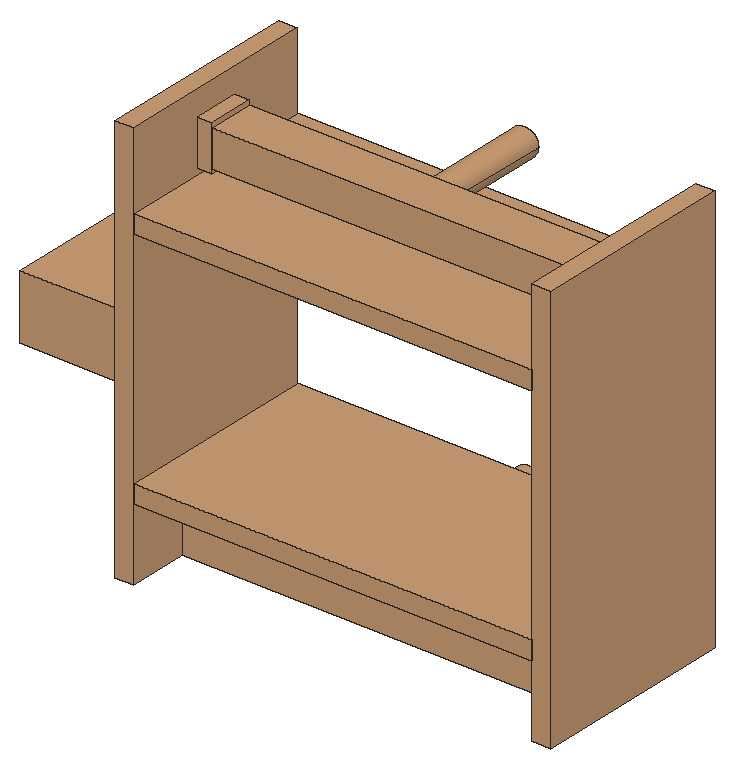
Revit family
Parameters
  Center Of Unit = 0' - 0"  # constant formula
  Water Pressure Drop [instance] = 0.00 psi
  Water Flow [instance] = 0 GPM
  Unit Weight (lbs) = 349
  URL = "http://www.ljwing.com/"
  Water Outlet Radius = 0' - 1 1/2"
  Water Outlet Odd sizes = 0' - 0"
  Total Heating Capacity [instance] = 0.0 Btu/h
  Temperature Rise [instance] = 0 °F
  Series = "VIFB"
  Outlet Area = 7.15 SF
  Number of Rows = 1  # constant formula
  Number of Coils [instance] = 0
  Nominal Length = 3' - 10 7/8"
  Model = "VA-4"
  Manufacturer = "LJ Wing"
  Leaving Water Temperature [instance] = 0 °F
  Leaving Air Temperature [instance] = 0 °F
  Face Velocity (FPM) [instance] = 0
  Entering Water Temperature [instance] = 0 °F
  Entering Air Temperature [instance] = 0 °F
  Description = "Vertical Integral Face & Bypass Water Heating Coils"
  Hot Water Odd Sizes = 0' - 0"
  Hot Water Inlet Offset = 0' - 4 3/8"  # constant formula
  Hot Water Inlet  Radius = 0' - 1 1/2"
  Coil Face Area = Outlet Area * 0.56  # 4.004 SF
  Casing Material = ""
  Assembly Code = "D3020300"
  Air Pressure Drop [instance] = 0.00 in-wg
  Air Inlet Width = Nominal Length - 0' 4"  # 3' - 6 7/8"
  Air Inlet Height = Y  # 2' - 0"
  Air Flow [instance] = 0 CFM
  Z = 0' - 3 3/4"
  Y = 2' - 0"
  S = 0' - 9 3/4"
  Product URL = "http://www.ljwing.com/html/vifb.asp"
  OmniClass = "23-75 70 21 14"
  Nominal Height = 3' - 8"
  Nominal Depth = 1' - 10"
  R = 0' - 10 1/4"
  Q = 0' - 5 7/16"
  P = 0' - 5 1/8"
  L = 0' - 5 15/16"
Reference planes (in)
  plane 1 "Center (Front/Back)": y = 0
  plane 2: z = -12
  plane 3 "Center (Left/Right)": x = 0
  plane 4: z = 22.25
  plane 5: x = -23.4375
  plane 6: x = 23.4375
  plane 7: z = -21.75
  plane 8: z = 0
  plane 9: y = -11
  plane 10: y = 11
  plane 11: z = 12
  plane 12: z = 14
  plane 13: z = -14
  plane 14: x = 21.4375
  plane 15: x = -21.4375
  plane 16: z = 17.125
  plane 17: z = -15.8125
  plane 18: x = -18
  plane 19: x = 18
  plane 20: y = 14.75
  plane 21: y = 15.375
  plane 22: x = -34.4375
  plane 23: x = 0
  plane 24: x = 0
  plane 25: z = 19.125
  plane 26: z = 15.125
  plane 27: y = -2.5
  plane 28: y = 2.5
  plane 29: y = -4.5
Forms (in)
  Extrusion 1, solid, material "Painted Finish"
    sketch origin (0, 6, -9.75) x (1, 0, 0) y (0, 0, 1)
      loop
        line (-23.4375, -12) -> (-21.4375, -12) -> (-21.4375, 32) -> (-23.4375, 32) -> (-23.4375, -12)
      loop
        line (23.4375, -12) -> (23.4375, 32) -> (21.4375, 32) -> (21.4375, -12) -> (23.4375, -12)
    from -5 to 17
  Extrusion 2, solid, material "Painted Finish"
    sketch origin (0, 6, 0) x (1, 0, 0) y (0, 0, 1)
      loop
        line (21.4375, -12) -> (-21.4375, -12) -> (-21.4375, -14) -> (21.4375, -14) -> (21.4375, -12)
      loop
        line (21.4375, 12) -> (21.4375, 14) -> (-21.4375, 14) -> (-21.4375, 12) -> (21.4375, 12)
    from -5 to 17
  Extrusion 3, solid, material "Painted Finish"
    sketch origin (0, 10, -0.5) x (1, 0, 0) y (0, 0, 1)
      loop
        line (-23.4375, 4) -> (-34.4375, 4) -> (-34.4375, -3) -> (-23.4375, -3) -> (-23.4375, 4)
    from 0 to 20
  Extrusion 4, solid, material "Painted Finish"
    sketch origin (0, 6, 0) x (1, 0, 0) y (0, 0, 1)
      loop
        line (-19.8125, 19.125) -> (-19.8125, 15.125) -> (19.8125, 15.125) -> (19.8125, 19.125) -> (-19.8125, 19.125)
    from 3.5 to 8.5
  Extrusion 5, solid, material "Painted Finish"
    sketch origin (0, 0, 0) x (1, 0, 0) y (0, 0, 1)
      loop
        line (-19.8125, 14.625) -> (-19.8125, 19.625) -> (-21.4375, 19.625) -> (-21.4375, 14.625) -> (-19.8125, 14.625)
      loop
        line (21.4375, 14.625) -> (21.4375, 19.625) -> (19.8125, 19.625) -> (19.8125, 14.625) -> (21.4375, 14.625)
    from -2.5 to 2.5
  Extrusion 6, solid, material "Painted Finish"
    sketch origin (0, 23, 0) x (1, 0, 0) y (0, 0, 1)
      loop
        circle (0, 17.125) r 1.5
    from 8.25 to 20.5
  Extrusion 7, solid, material "Painted Finish"
    sketch origin (0, 6, 0) x (1, 0, 0) y (0, 0, 1)
      loop
        line (-21.4375, -14) -> (-21.4375, -21.75) -> (21.4375, -21.75) -> (21.4375, -14) -> (-21.4375, -14)
    from -5 to 10.5
  Extrusion 8, solid, material "Painted Finish"
    sketch origin (0, 23, 0) x (1, 0, 0) y (0, 0, 1)
      loop
        circle (0, -15.8125) r 1.5
    from 7.625 to 12
  Extrusion 9, void
    sketch origin (0, 0, 0) x (1, 0, 0) y (0, 0, 1)
      loop
        line (-21.4375, 12) -> (-21.4375, -12) -> (21.4375, -12) -> (21.4375, 12) -> (-21.4375, 12)
    from -11 to 11
Cuts and joins
  Extrusion 9 cuts Extrusion 1
  Extrusion 9 cuts Extrusion 2
Dimensions and locks (in)
  "Nominal Length": plane 6 to plane 5
  equal spacing: plane 6, plane 3 "Center (Left/Right)", plane 5
  "S": plane 2 to plane 7
  "Nominal Depth": plane 10 to plane 9
  equal spacing: plane 10, plane 1 "Center (Front/Back)", plane 9
  "Y": plane 11 to plane 2
  "R": plane 4 to plane 11
  locked: plane 12 to plane 11 at 2
  locked: plane 2 to plane 13 at 2
  "P": plane 4 to plane 16
  "L": plane 17 to plane 7
  "Q": plane 18 to plane 5
  "Q": plane 6 to plane 19
  "Z": plane 20 to plane 10
  "Hot Water Inlet Offset": plane 21 to plane 10
  locked: plane 5 to plane 22 at 11
  locked: Extrusion 3 sketch curve to Extrusion 3 sketch curve at 7
  locked: Extrusion 3 to Extrusion 3 at 20
  locked: plane 6 to plane 14 at 2
  locked: plane 15 to plane 5 at 2
  "Water Outlet Odd sizes": plane 23 to plane 3 "Center (Left/Right)"
  "Hot Water Odd Sizes": plane 3 "Center (Left/Right)" to plane 24
  equal spacing: plane 25, plane 16, plane 26
  locked: Extrusion 5 sketch curve to plane 25 at 0.5
  locked: plane 26 to Extrusion 5 sketch curve at 0.5
  locked: Extrusion 6 sketch curve to plane 16 at 0
  locked: Extrusion 6 sketch curve to plane 23 at 0
  locked: Extrusion 8 sketch curve to plane 17 at 0
  locked: Extrusion 8 sketch curve to plane 24 at 0
  locked: plane 25 to plane 26 at 4
  locked: plane 28 to plane 27 at 5
  equal spacing: plane 28, plane 1 "Center (Front/Back)", plane 27
  locked: plane 27 to plane 29 at 2
  plane 4 to plane 7 = 3' - 8"
  locked: Extrusion 5 sketch curve to Extrusion 1 at 1.625
  locked: Extrusion 5 sketch curve to Extrusion 5 sketch curve at 1.625
  locked: Extrusion 9 sketch curve to plane 11 at 0
  locked: Extrusion 9 sketch curve to plane 15 at 0
  locked: Extrusion 9 sketch curve to plane 14 at 0
  locked: Extrusion 9 sketch curve to plane 2 at 0
  equal spacing: plane 11, plane 8, plane 2
  "Water Outlet Radius": radius of Extrusion 6 sketch curve
  "Hot Water Inlet  Radius": radius of Extrusion 8 sketch curve
  aligned and locked: plane 9 to Extrusion 1
  aligned and locked: Extrusion 1 to plane 10
  aligned and locked: plane 15 to Extrusion 1
  aligned and locked: Extrusion 1 to plane 14
  aligned and locked: plane 9 to Extrusion 2
  aligned and locked: Extrusion 1 to plane 9
  aligned and locked: plane 10 to Extrusion 1  (x2)
  aligned and locked: Extrusion 2 to plane 10
  aligned and locked: plane 10 to Extrusion 2  (x2)
  aligned and locked: Extrusion 2 to plane 9  (x2)
  aligned and locked: plane 5 to Extrusion 3
  aligned and locked: Extrusion 5 sketch curve to plane 15
  aligned and locked: Extrusion 5 sketch curve to Extrusion 4
  aligned and locked: Extrusion 6 to plane 20
  aligned and locked: Extrusion 1 to Extrusion 7
  aligned and locked: plane 10 to Extrusion 8
  aligned and locked: Extrusion 8 to plane 21  (x2)
  aligned and locked: plane 27 to Extrusion 5
  aligned and locked: Extrusion 5 to Extrusion 4  (x2)
  aligned and locked: Extrusion 5 to plane 28
  aligned and locked: Extrusion 6 to Extrusion 4
  aligned and locked: plane 29 to Extrusion 7
  aligned and locked: Extrusion 8 to Extrusion 7
  aligned and locked: Extrusion 4 to Extrusion 5  (x2)
  aligned and locked: Extrusion 5 to Extrusion 1  (x2)
  aligned and locked: plane 2 to Extrusion 2
  aligned and locked: plane 6 to Extrusion 1 sketch curve
  aligned and locked: plane 14 to Extrusion 1 sketch curve
  aligned and locked: Extrusion 1 sketch curve to plane 15
  aligned and locked: Extrusion 1 sketch curve to plane 5
  aligned and locked: plane 7 to Extrusion 1 sketch curve  (x2)
  aligned and locked: Extrusion 1 sketch curve to plane 4  (x2)
  aligned and locked: Extrusion 2 sketch curve to plane 11
  aligned and locked: Extrusion 2 sketch curve to plane 12
  aligned and locked: Extrusion 2 sketch curve to plane 14  (x2)
  aligned and locked: Extrusion 2 sketch curve to plane 15  (x2)
  aligned and locked: Extrusion 2 sketch curve to plane 13
  aligned and locked: plane 2 to Extrusion 2 sketch curve
  aligned and locked: plane 13 to Extrusion 7 sketch curve
  aligned and locked: Extrusion 7 sketch curve to plane 7
  aligned and locked: Extrusion 7 sketch curve to plane 14
  aligned and locked: plane 15 to Extrusion 7 sketch curve
  aligned and locked: Extrusion 7 to plane 29
  aligned and locked: cut or joined group of Extrusion 1, Extrusion 9 to plane 10
Automatic sketch dimensions
  Extrusion 3 sketch curve to plane 22 = 0' - 0"
  Extrusion 3 sketch curve to plane 5 = 0' - 0"
  plane 8 to Extrusion 3 sketch curve = 0' - 3 1/2"
  Extrusion 4 sketch curve to plane 25 = 0' - 0"
  Extrusion 4 sketch curve to plane 26 = 0' - 0"
  Extrusion 4 sketch curve to plane 18 = 0' - 1 13/16"
  plane 19 to Extrusion 4 sketch curve = 0' - 1 13/16"
  plane 26 to Extrusion 5 sketch curve = 0' - 0 1/2"
  Extrusion 5 sketch curve to plane 25 = 0' - 0 1/2"
Connectors (in)
  hvac at (0, -11, 0), driven by "Air Inlet Height", driven by "Air Inlet Width", driven by "Air Flow", driven by "Air Pressure Drop"
    settings: on Extrusion 9, index 1
  hvac at (0, 11, 0), driven by "Air Pressure Drop", driven by "Air Inlet Height", driven by "Air Inlet Width", driven by "Air Flow"
    settings: on Extrusion 9, index 2
  piping at (0, 14.75, 17.125), driven by "Water Flow", driven by "Water Outlet Radius", driven by "Water Pressure Drop"
    settings: on Extrusion 6, index 3
  piping at (0, 15.375, -15.8125), driven by "Water Flow", driven by "Water Pressure Drop", driven by "Hot Water Inlet  Radius"
    settings: on Extrusion 8, index 4
